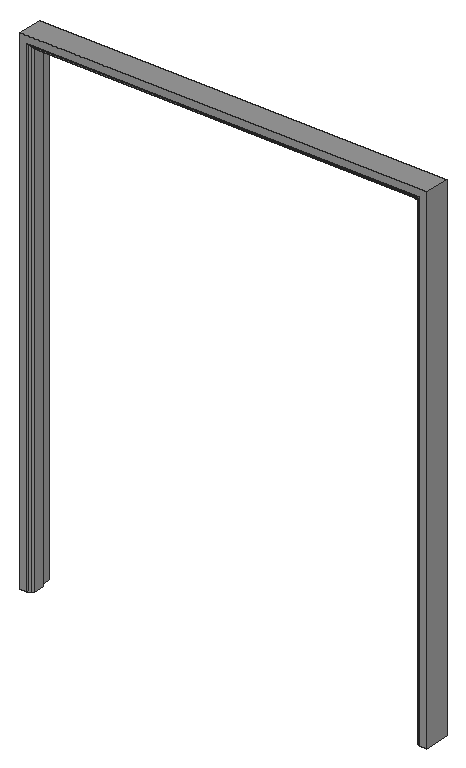
Revit family "DF1630H (1706x2090mm)", category Doors, host Wall, Revit 2013
Parameters (values of type "DF1630H (1706x2090mm)")
  Function = Interior
  Frame Projection Ext. = 25 mm
  Frame Projection Int. = 25 mm
  Frame Width = 75 mm
  Height = 2090 mm
  Wall Closure = By host
  Width = 1706 mm
Reference planes
  plane 1: y = 0
  plane 2 "Center (Left/Right)": x = 0
  plane 3 "Left": x = -853
  plane 4 "Right": x = 853
  plane 5: z = 2090
  plane 6 "Exterior": y = 75
  plane 7 "Interior": y = -75
Forms (mm)
  Sweep 1, solid, material "Lauan, Meranti"
    path origin (0, 75, 0) x (1, 0, 0) y (0, 0, 1)
      loop
        line (853, 0) -> (853, 2090) -> (-853, 2090) -> (-853, 0)
    profile "Van Acht 105x50 Door Frame Routed Profile (Heavy) : Van Acht 105x50 Door Frame Routed Profile (Heavy)" origin (853, 75, 1045) x (-1, 0, 0) y (0, -1, 0)
      loop
        line (0, 22.5) -> (38, 22.5) -> (38, 67.5) -> (50, 67.5) -> (50, 112.5)
        arc (50, 112.5) -> (44.957, 114.29) -> (42.17, 118.859) r 8
        line (42.17, 118.859) -> (39, 118.859)
        arc (39, 118.859) -> (35.311, 122.973) -> (30, 124.5) r 10
        line (30, 124.5) -> (30, 127.5) -> (0, 127.5) -> (0, 22.5)
Lines and regions (mm)
  Opening 1
    outline origin (-3050, -75, 0) x (1, 0, 0) y (0, 0, 1)
      loop
        line (2197, 0) -> (3903, 0) -> (3903, 2090) -> (2197, 2090) -> (2197, 0)
  symbolic lines, style "Elevation Swing"
    curve 1: line (0, -75, 1045) -> (-853, -75, 2090)
    curve 2: line (0, -75, 1045) -> (-853, -75, 0)
    curve 3: line (0, -75, 1045) -> (853, -75, 2090)
    curve 4: line (0, -75, 1045) -> (853, -75, 0)
  model lines
    curve 5: line (-815, 52.5, 0) -> (-815, 867.5, 0)
    curve 6: arc (-815, 867.5, 0) -> (-238.708, 628.792, 0) -> (0, 52.5, 0) r 815
    curve 7: line (815, 52.5, 0) -> (815, 867.5, 0)
    curve 8: arc (815, 867.5, 0) -> (238.708, 628.792, 0) -> (0, 52.5, 0) r 815
Text (mm)
  text "Exterior" at (-2295.016, 1099.543, 0), in view "Ref. Level"
  text "Exterior" at (0, 1615.38, 3698.081), in view "Left"
  text "Exterior" at (0, 1036.032, 3874.932), in view "Right"
Dimensions and locks
  equal spacing: plane 3 "Left", plane 2 "Center (Left/Right)", plane 4 "Right"
  "Width": plane 3 "Left" to plane 4 "Right"
  "Height": plane 5 to host wall
  equal spacing: host wall, curve 2, plane 5
  host wall to plane 5 = 2090 mm
  locked: plane 6 "Exterior" to host wall at 0
  locked: plane 7 "Interior" to host wall
  aligned and locked: plane 3 "Left" to Opening 1 sketch curve
  aligned and locked: plane 5 to Opening 1 sketch curve  (x2)
  aligned and locked: Opening 1 sketch curve to plane 4 "Right"
  aligned and locked: Opening 1 sketch curve to level
  aligned and locked: plane 5 to curve 1
  aligned and locked: plane 3 "Left" to curve 2
  aligned and locked: plane 1 to host wall
  aligned and locked: plane 3 "Left" to curve 1
Automatic sketch dimensions
  plane 4 "Right" to Sweep 1 sketch curve = 0 mm
  Sweep 1 sketch curve to plane 5 = 0 mm
  plane 3 "Left" to Sweep 1 sketch curve = 0 mm
  Sweep 1 sketch curve to level = 0 mm  (x2)
  curve 2 to level = 0 mm
  plane 4 "Right" to curve 2 = 853 mm
  curve 4 to plane 2 "Center (Left/Right)" = 0 mm
  level to curve 4 = 1045 mm
  curve 4 to level = 0 mm
  plane 4 "Right" to curve 4 = 0 mm
  plane 4 "Right" to curve 3 = 0 mm
  curve 3 to plane 5 = 0 mm
  curve 5 to plane 3 "Left" = 38 mm
  host wall to curve 5 = 792.5 mm
  curve 8 to plane 2 "Center (Left/Right)" = 0 mm
  curve 6 to plane 2 "Center (Left/Right)" = 0 mm
  plane 4 "Right" to curve 7 = 38 mm
  host wall to curve 7 = 792.5 mm
  curve 7 to curve 8 = 0 mm
  curve 5 to curve 6 = 0 mm
